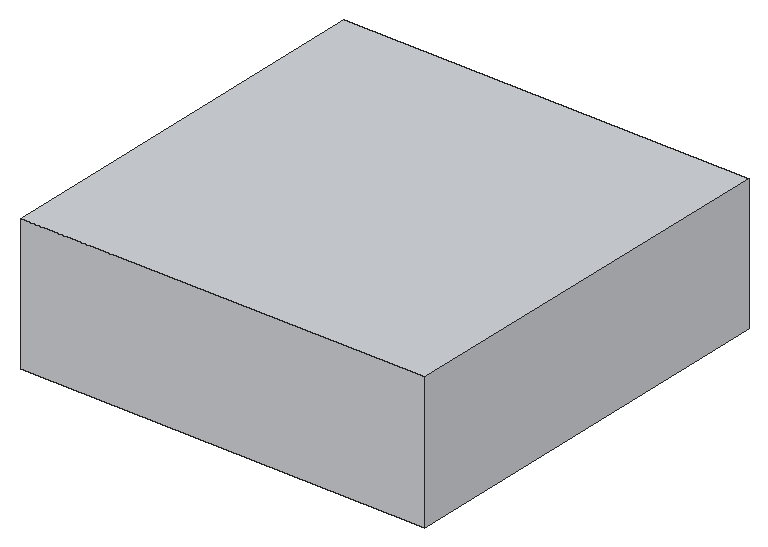
Revit family "Temperature Sensor", category Mechanical Control Devices, host Face, Revit 2025
Family settings
  Host = Face
  Round Connector Dimension = Use Diameter
  Part Type = Normal
  Cut with Voids When Loaded = No
  Maintain Annotation Orientation = Yes
  Shared = No
  Room Calculation Point = No
Parameters (values of type "TS (Wall Mounted)")
  Width = 3"
  Wall Mounted = yes
  Rotate [instance] = no
  Label = "TS"
  Height = 3"
  Default Elevation = 48"
  Ceiling Mounted = no
Types (2): name | Wall Mounted | Rotate | Ceiling Mounted
  TS (Wall Mounted) | yes | no | no
  TS (Ceiling Mounted) | no | yes | yes
Reference planes (in)
  plane 1 "Center (Front/Back)": y = 0
  plane 2: z = 0
  plane 3 "Center (Left/Right)": x = 0
  plane 4: z = 1
Forms (in)
  Extrusion 1, solid
    sketch origin (0, 0, 0) x (1, 0, 0) y (0, 1, 0)
      loop
        line (-1.5, 1.5) -> (-1.5, -1.5) -> (1.5, -1.5) -> (1.5, 1.5) -> (-1.5, 1.5)
    from 0 to 1
Dimensions and locks (in)
  equal spacing: Extrusion 1 sketch curve, plane 3 "Center (Left/Right)", Extrusion 1 sketch curve
  equal spacing: Extrusion 1 sketch curve, plane 1 "Center (Front/Back)", Extrusion 1 sketch curve
  "Height": Extrusion 1 sketch curve to Extrusion 1 sketch curve
  "Width": Extrusion 1 sketch curve to Extrusion 1 sketch curve
  plane 4 to plane 2 = 1"
  aligned and locked: plane 2 to host face
  aligned and locked: level to host face
  aligned and locked: plane 4 to Extrusion 1
Automatic sketch dimensions
  host sketch curve to host sketch curve = 96"  (x2)
Nested families (in)
  nested 1: "Wall Symbol" at (0, 0, 0), visible <- "Wall Mounted", type "Standard"
  nested 2: "Ceiling Symbol" at (0, 0, 0), visible <- "Ceiling Mounted", type "Standard"
Definition of nested family "Wall Symbol"
  Parameters (values of type "Standard")
    Rotate = yes
    Not Rotate = not(Rotate)  # no
    Label = "ATS"
  Reference planes (in)
    plane 1: y = 0
    plane 2: x = 0
  Lines and regions (in)
    detail lines
      curve 1: circle (0, 0.125, 0) r 0.125 normal (0, 0, 1)
  Text (in)
    label "ATS" at (0.00258, 0.12377, 0), shows "Label", visible <- "Not Rotate"
    label "ATS" at (0.00258, 0.12377, 0), shows "Label", visible <- "Rotate"
Definition of nested family "Ceiling Symbol"
  Parameters (values of type "Standard")
    Label = "ATS"
  Reference planes (in)
    plane 1: y = 0
    plane 2: x = 0
  Lines and regions (in)
    detail lines
      curve 1: circle (0, 0, 0) r 0.125 normal (0, 0, 1)
  Text (in)
    label "ATS" at (0.00258, -0.00123, 0), shows "Label"
